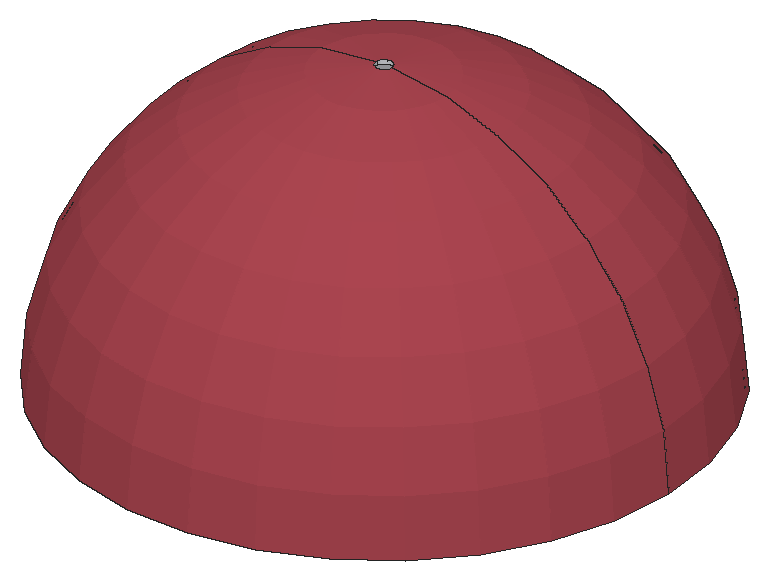
Revit family "HD18 SHADE", category Lighting Fixtures, Revit 2024
Family settings
  Round Connector Dimension = Use Diameter
  Part Type = Normal
  OmniClass Number = 23.80.70.00
  OmniClass Title = Lighting
  Work Plane-Based = No
  Always vertical = Yes
  Cut with Voids When Loaded = No
  Light Source = Yes
  Maintain Annotation Orientation = No
  Shared = No
  Room Calculation Point = No
Parameters
  Wattage = 12.1178 W
  built-in parameter 1150110 = 1 (stored number, unit not read)
  built-in parameter 1114217 = 1 (stored number, unit not read)
  built-in parameter 1150109 = 1 (stored number, unit not read)
  built-in parameter 1150134 = (empty or 0)
  built-in parameter 1150113 = 1 (stored number, unit not read)
  Lumens = 1800 lm
  built-in parameter 1150115 = 1 (stored number, unit not read)
  built-in parameter 1150105 = 572.96 (stored number, unit not read)
  Light Source Symbol Size = 2' - 0"
  built-in parameter 1150137 = (empty or 0)
  built-in parameter 1150139 = (empty or 0)
  built-in parameter 1150112 = 1 (stored number, unit not read)
  built-in parameter 1150114 = 1 (stored number, unit not read)
  built-in parameter 1150132 = 2
  built-in parameter 1150102 = (empty or 0)
  built-in parameter 1150138 = (empty or 0)
  built-in parameter 1150107 = 3000 (stored number, unit not read)
  built-in parameter 1150106 = 5.7296 (stored number, unit not read)
  built-in parameter 1150104 = 13.8 (stored number, unit not read)
  Dimming Lamp Color Temperature Shift = (empty or 0)
  Default Elevation = 0' - 0"
  Color Filter = 16777215
  built-in parameter 1114218 = 1 (stored number, unit not read)
  built-in parameter 1150133 = 10 (stored number, unit not read)
Reference planes (in)
  plane 1 "Light Source Axis (F/B)": y = 0
  plane 2: z = 0
  plane 3 "Light Source Axis (L/R)": x = 0
  plane 4 "Light Source Elevation": z = 54
Forms (in)
  Revolve 1, solid
    sketch origin (0, 0, 0) x (1, 0, 0) y (0, 0, 1)
      loop
        arc (-0.25, 62.99653) -> (-6.45174, 60.27495) -> (-9, 54) r 9
        line (-9, 54) -> (-8.90625, 54)
        arc (-8.90625, 54) -> (-6.38545, 60.20865) -> (-0.25, 62.90274) r 8.90625
        line (-0.25, 62.90274) -> (-0.25, 62.99653)
      axis (0, 62.99653) -> (0, 54)
    angle from 0 to 360
Dimensions and locks (in)
  aligned and locked: plane 3 "Light Source Axis (L/R)" to imposter light
  aligned and locked: plane 1 "Light Source Axis (F/B)" to imposter light
  aligned and locked: plane 4 "Light Source Elevation" to imposter light
  aligned and locked: level to plane 2
